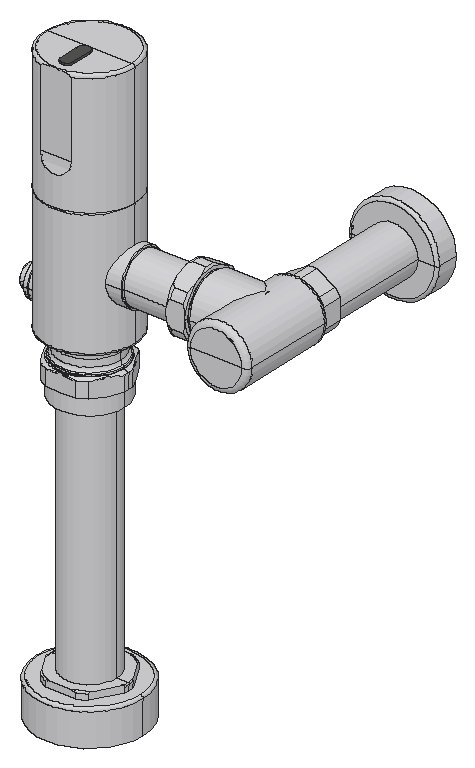
Revit family "Flushometer-Toilet_Touchless-KOHLER-WAVE-K-7521", category Plumbing Fixtures, host Face, Revit 2015
Parameters (values of type "1.28GPF Flushometer,CP-Polished Chrome")
  Width [instance] = 5"
  WaterSense Certified = 1 = 0  # no
  Waste Water Outlet = "Waste Water Outlet"  # constant formula
  Waste Connection = 1 = 0  # no
  Vent Connection = 1 = 0  # no
  URL = "https://www.us.kohler.com/us/"
  Type = 1
  Model = if(Type = 1, "K-7521-CP", if(Type = 2, "K-7521-RF-CP", "NA"))  # "K-7521-CP"
  Description = if(Type = 1, "Touchless hybrid 1.28 gpf toilet flushometer", if(Type = 2, "Touchless 1.28 gpf hybrid retrofit toilet flushometer", "NA"))  # "Touchless hybrid 1.28 gpf toilet flushometer"
  Centre Height [instance] = Height - 5 1/4"  # 11 1/2"
  Product Page URL = "http://www.us.kohler.com/us/catalog/productDetails.jsp?productNumber=7521"
  Product Name = "Wave"  # constant formula
  Product Documentation Link = "https://www.us.kohler.com/webassets/kpna/catalog/pdf/en/K-7521_spec.pdf"
  Pressure = 80.00 psi  # constant formula
  Material = "Brass construction"  # constant formula
  MasterFormat 2004 = "22.11.00"  # constant formula
  MasterFormat 1995 = "154300"  # constant formula
  Manufacturer Address = "444 Highland Dr, Kohler, WI 53044"  # constant formula
  Manufacturer = "KOHLER Co."  # constant formula
  Length [instance] = 5"
  Cold Water Outlet = "Cold Water Outlet"  # constant formula
  Height [instance] = 16 3/4"
  HW Connection = 1 = 0  # no
  Flush Rate = "1.28 GPF"  # constant formula
  Flow Rate = 25 GPM  # constant formula
  Finish = Kohler-Metal-CP-Polished_Chrome
  Environmental Product Declaration = ""
  Default Elevation = 0"
  Declare Label = ""
  Date Modified = "02/12/2019"  # constant formula
  Date Created = "02/12/2019"  # constant formula
  Copyright = "Copyright KOHLER Co."  # constant formula
  Contact Us = "https://www.us.kohler.com/us/static/contact.jsp"
  Cold Water Inlet = "Cold Water Inlet"  # constant formula
  CW Connection = 1 = 1  # yes
  Assembly Code = "D2020"
  ADA Compliant = 1 = 1  # yes
Reference planes (in)
  plane 1 "Center (Front/Back)": y = 0
  plane 2: z = 0
  plane 3 "Center (Left/Right)": x = 0
  plane 4: y = 5
  plane 5: z = 16.75
  plane 6: x = 5
  plane 7: x = 1.5
  plane 8: x = -1.5
  plane 9: z = 11.5
  plane 10: z = 12.75
  plane 11: z = 7.75
  plane 12: z = 1
  plane 13: z = 10.25
  plane 14: y = 4.36592
  plane 15: y = 1.5625
  plane 16: y = -1.5
Dimensions and locks (in)
  "Length": plane 4 to plane 1 "Center (Front/Back)"
  "Height": plane 5 to plane 2
  "Width": plane 6 to plane 3 "Center (Left/Right)"
  "Centre Height": plane 9 to level
  plane 8 to plane 7 = 3"
  plane 4 to plane 14 = 0.63408"
  plane 12 to level = 1"
  plane 15 to plane 1 "Center (Front/Back)" = 1 9/16"
  plane 10 to plane 13 = 2 1/2"
  aligned and locked: plane 2 to host face
  aligned and locked: level to host face
  aligned and locked: host face to nested 1
  aligned and locked: plane 5 to nested 1
  aligned and locked: nested 1 to plane 6
Automatic sketch dimensions
  host sketch curve to host sketch curve = 96"  (x2)
Nested families (in)
  nested 1: "K-7521" at (0, 0, 0), type "K-7521"
Connectors (in)
  piping at (0, 0, 0), diameter 1.5, driven by "Flow Rate", driven by "Pressure", driven by "CW Connection", driven by "Cold Water Outlet"
    settings: on nested 1, index 1, connector inside diameter 24", connector length 0", flow factor 0, pipe flow 25 GPM, pressure drop 80.00 psi, fitting loss kfactor 0, connector angle 0.00°, fixture units 0, engagement length 0", angle of deflection 0.00°, flow configuration 1, flow direction 2, fitting loss method 4, system type 20, joint type 0, gender type 0, connector reference index -1, connector utility 1, adjustable connector no, is connector primary yes, connector description "Cold Water Outlet"
  piping at (5, 5, 11.5), diameter 1, driven by "Flow Rate", driven by "Pressure", driven by "CW Connection", driven by "Cold Water Inlet"
    settings: on nested 1, index 2, connector inside diameter 24", connector length 0", flow factor 0, pipe flow 25 GPM, pressure drop 80.00 psi, fitting loss kfactor 0, connector angle 0.00°, fixture units 0, engagement length 0", angle of deflection 0.00°, flow configuration 1, flow direction 1, fitting loss method 4, system type 20, joint type 0, gender type 0, connector reference index -1, connector utility 1, adjustable connector no, is connector primary no, connector description "Cold Water Inlet"
Definition of nested family "K-7521"
  Parameters (values of type "K-7521")
    Width = 5"
    Material = none
    Length = 5"
    Height = 16 3/4"
    Centre Height = 11 1/2"
  Reference planes (in)
    plane 1 "Center (Front/Back)": y = 0
    plane 2: z = 0
    plane 3 "Center (Left/Right)": x = 0
    plane 4: x = -1.5
    plane 5: x = 1.5
    plane 6 "A": x = 5
    plane 7: y = 1.5
    plane 8: y = -1.5
    plane 9: x = -0.75
    plane 10: x = 0.75
    plane 11: y = 1.5625
    plane 12 "C": z = 11.5
    plane 13: x = 3.5
    plane 14: x = 6.25
    plane 15: y = 0
    plane 16 "B": z = 10.43307
    plane 17: z = 16.75
    plane 18: z = 8.06077
    plane 19: x = 4.25386
    plane 20: x = 5.74614
    plane 21: y = 5
    plane 22: y = 4.36592
    plane 23: z = 12.75
    plane 24 "D": z = 0
  Forms (in)
    Revolve 1, solid, material <- "Material", detail levels medium+fine
      sketch origin (0, 0, 0) x (1, 0, 0) y (0, 0, 1)
        loop
          line (0, 16.75) -> (-1.17957, 16.75)
          arc (-1.17957, 16.75) -> (-1.23605, 16.72661) -> (-1.25944, 16.67014) r 0.07986
          line (-1.25944, 16.67014) -> (-1.25944, 13.2874) -> (-1.22642, 13.2874)
          arc (-1.22642, 13.2874) -> (-1.24977, 13.27773) -> (-1.25944, 13.25438) r 0.03302
          line (-1.25944, 13.25438) -> (-1.25944, 9.75488)
          arc (-1.25944, 9.75488) -> (-1.25051, 9.73333) -> (-1.22897, 9.72441) r 0.03047
          line (-1.22897, 9.72441) -> (-1.18169, 9.72441)
          arc (-1.18169, 9.72441) -> (-0.95856, 9.63199) -> (-0.86614, 9.40886) r 0.31555
          line (-0.86614, 9.40886) -> (-0.86614, 9.20893)
          arc (-0.86614, 9.20893) -> (-0.8786, 9.14631) -> (-0.91407, 9.09322) r 0.16363
          line (-0.91407, 9.09322) -> (-0.94488, 9.06241) -> (-0.94488, 9.0315) -> (-0.98425, 9.0315) -> (-1.104, 8.97184) -> (-1.104, 8.55966) -> (-0.98425, 8.5) -> (-0.98425, 8.06077) -> (-0.75, 8.06077) -> (-0.75, 1.18504) -> (-1.06821, 1.18504)
          arc (-1.06821, 1.18504) -> (-1.09236, 1.17504) -> (-1.10236, 1.15089) r 0.03415
          line (-1.10236, 1.15089) -> (-1.10236, 1) -> (-1.4177, 1)
          arc (-1.4177, 1) -> (-1.47589, 0.97589) -> (-1.5, 0.9177) r 0.0823
          line (-1.5, 0.9177) -> (-1.5, 0) -> (0, 0) -> (0, 8.06077) -> (0, 16.75)
        axis (0, 16.75) -> (0, 0)
      angle from 0 to 360
    Revolve 2, solid, material <- "Material", detail levels medium+fine
      sketch origin (0, 0, 11.5) x (-1, 0, 0) y (0, -1, 0)
        loop
          line (-1.5, 0.69291) -> (-2.85138, 0.69291) -> (-2.85138, 0.84362)
          arc (-2.85138, 0.84362) -> (-2.89142, 0.94028) -> (-2.98808, 0.98031) r 0.1367
          line (-2.98808, 0.98031) -> (-3.36322, 0.98031) -> (-3.40256, 0.91043) -> (-3.40256, 0.83781) -> (-3.42126, 0.81299) -> (-3.42126, 0.78221) -> (-3.5, 0.78221) -> (-3.5, 0.86765) -> (-5, 0.86765) -> (-5, 0) -> (0, 0) -> (0, 0.74409) -> (-1.47968, 0.74409)
          arc (-1.47968, 0.74409) -> (-1.49405, 0.73814) -> (-1.5, 0.72377) r 0.02032
          line (-1.5, 0.72377) -> (-1.5, 0.69291)
        axis (-5, 0) -> (0, 0)
      angle from 0 to 360
    Revolve 3, solid, material <- "Material", detail levels medium+fine
      sketch origin (0, 0, 11.5) x (-1, 0, 0) y (0, -1, 0)
        loop
          line (-5.68917, -4.36592) -> (-6.16406, -4.36592)
          arc (-6.16406, -4.36592) -> (-6.22483, -4.39109) -> (-6.25, -4.45186) r 0.08594
          line (-6.25, -4.45186) -> (-6.25, -5) -> (-5, -5) -> (-5, 1.81601) -> (-5.72192, 1.81601)
          arc (-5.72192, 1.81601) -> (-5.83086, 1.77088) -> (-5.87598, 1.66194) r 0.15407
          line (-5.87598, 1.66194) -> (-5.87598, -0.87655)
          arc (-5.87598, -0.87655) -> (-5.8616, -0.92764) -> (-5.82266, -0.96371) r 0.09789
          arc (-5.82266, -0.96371) -> (-5.80698, -0.97824) -> (-5.80118, -0.99882) r 0.03943
          line (-5.80118, -0.99882) -> (-5.80118, -1.5625) -> (-5.68917, -1.5625) -> (-5.68917, -4.36592)
        axis (-5, 1.81601) -> (-5, -5)
      angle from 0 to 360
    Revolve 4, solid, material <- "Material", detail levels medium+fine
      sketch origin (0, 0, 10.43307) x (0, -1, 0) y (1, 0, 0)
        loop
          line (0, -1.71775) -> (0.29105, -1.71775)
          arc (0.29105, -1.71775) -> (0.30517, -1.7119) -> (0.31102, -1.69777) r 0.01997
          line (0.31102, -1.69777) -> (0.31102, -1.49615) -> (0.45254, -1.49615)
          arc (0.45254, -1.49615) -> (0.46661, -1.49032) -> (0.47244, -1.47625) r 0.0199
          line (0.47244, -1.47625) -> (0.47244, -1.37236)
          arc (0.47244, -1.37236) -> (0.47641, -1.35659) -> (0.48737, -1.34458) r 0.03332
          arc (0.48737, -1.34458) -> (0.49808, -1.33284) -> (0.50195, -1.31743) r 0.03256
          line (0.50195, -1.31743) -> (0.50195, -1.03405) -> (0, -1.03405) -> (0, -1.71775)
        axis (0, -1.71775) -> (0, -1.03405)
      angle from 0 to 360
    Extrusion 5, void
      sketch origin (0, 0, 11.5) x (0, 1, 0) y (-1, 0, 0)
        loop
          circle (0, 0) r 1.75
        loop
          line (0, -1.17584) -> (1.01831, -0.58792) -> (1.01831, 0.58792) -> (0, 1.17584) -> (-1.01831, 0.58792) -> (-1.01831, -0.58792) -> (0, -1.17584)
      from -3.03937 to -2.39948
    Extrusion 6, void
      sketch origin (5, 0, 23) x (0, 0, -1) y (0, -1, 0)
        loop
          circle (11.5, 0) r 1.21729
        loop
          line (10.97436, 0.91043) -> (10.44872, 0) -> (10.97436, -0.91043) -> (12.02564, -0.91043) -> (12.55128, 0) -> (12.02564, 0.91043) -> (10.97436, 0.91043)
      from 1.59744 to 2.24251
    Extrusion 7, void
      sketch origin (0, 0, 0) x (1, 0, 0) y (0, 0, 1)
        loop
          circle (5, 11.5) r 2.25
        loop
          line (5, 12.36156) -> (4.25386, 11.93078) -> (4.25386, 11.06922) -> (5, 10.63844) -> (5.74614, 11.06922) -> (5.74614, 11.93078) -> (5, 12.36156)
      from -1.5625 to -0.97021
    Extrusion 8, void
      sketch origin (5, 0, 0) x (0, 0, 1) y (0, 1, 0)
        loop
          line (17.0347, -1.18081) -> (14.5347, -1.18081)
          arc (14.5347, -1.18081) -> (14.09708, -1.26345) -> (13.71973, -1.5) r 1.2
          line (13.71973, -1.5) -> (17.0347, -1.5) -> (17.0347, -1.18081)
      from 4.41208 to 5.75
    Extrusion 9, void
      sketch origin (0, 0, 11.5) x (-1, 0, 0) y (0, -1, 0)
        loop
          arc (0.18307, 0.79501) -> (0, 0.97809) -> (-0.18307, 0.79501) r 0.18307
          line (-0.18307, 0.79501) -> (-0.18307, 0.20818)
          arc (-0.18307, 0.20818) -> (0, 0.02511) -> (0.18307, 0.20818) r 0.18307
          line (0.18307, 0.20818) -> (0.18307, 0.79501)
      from 5.02631 to 5.36547
    Extrusion 10, solid, detail levels medium+fine
      sketch origin (0, 0, 11.5) x (-1, 0, 0) y (0, -1, 0)
        loop
          line (0.16927, 0.20752) -> (0.16929, 0.79866)
          arc (0.16929, 0.79866) -> (0, 0.96796) -> (-0.16929, 0.79867) r 0.16929
          line (-0.16929, 0.79867) -> (-0.16929, 0.20752)
          arc (-0.16929, 0.20752) -> (-0.00001, 0.03824) -> (0.16927, 0.20752) r 0.16928
      from 5.02631 to 5.28584
    Revolve 11, solid, material <- "Material", detail levels coarse
      sketch origin (0, 0, 11.5) x (-1, 0, 0) y (0, -1, 0)
        loop
          line (0, 0) -> (-5, 0) -> (-5, -0.85642) -> (-3.40256, -0.85642) -> (-3.40256, -0.98169) -> (-2.85138, -0.98169) -> (-2.85138, -0.69291) -> (0, -0.69291) -> (0, 0)
        axis (-5, 0) -> (0, 0)
      angle from 0 to 360
    Revolve 12, solid, material <- "Material", detail levels coarse
      sketch origin (0, 0, 11.5) x (-1, 0, 0) y (0, -1, 0)
        loop
          line (-5, -5) -> (-5, 1.80845) -> (-5.87599, 1.80845) -> (-5.87599, -0.97021) -> (-5.68917, -0.97021) -> (-5.68917, -4.36592) -> (-6.25, -4.36592) -> (-6.25, -5) -> (-5, -5)
        axis (-5, 1.80845) -> (-5, -5)
      angle from 0 to 360
    Revolve 13, solid, material <- "Material", detail levels coarse
      sketch origin (0, 0, 0) x (1, 0, 0) y (0, 0, 1)
        loop
          line (0, 16.75) -> (-1.25944, 16.75) -> (-1.25944, 8.06077) -> (-0.75, 8.06077) -> (-0.75, 1) -> (-1.5, 1) -> (-1.5, 0) -> (0, 0) -> (0, 16.75)
        axis (0, 16.75) -> (0, 0)
      angle from 0 to 360
    Revolve 14, solid, material <- "Material", detail levels coarse
      sketch origin (0, 0, 10.43307) x (0, -1, 0) y (1, 0, 0)
        loop
          line (0, -1.71775) -> (0, -0.92963) -> (-0.5, -0.92963) -> (-0.5, -1.71775) -> (0, -1.71775)
        axis (0, -1.71775) -> (0, -0.92963)
      angle from 0 to 360
    Extrusion 15, void
      sketch origin (0, 0, 0) x (0, 1, 0) y (-1, 0, 0)
        loop
          circle (0, 0) r 1.75
        loop
          line (0, -1.17584) -> (1.01831, -0.58792) -> (1.01831, 0.58792) -> (0, 1.17584) -> (-1.01831, 0.58792) -> (-1.01831, -0.58792) -> (0, -1.17584)
      from 1 to 1.18504
  Cuts and joins
    Extrusion 5, Extrusion 8, Extrusion 9, Extrusion 15 cuts Revolve 1
    Extrusion 6 cuts Revolve 2
    joined: Revolve 1, Revolve 2, Revolve 4
    joined: Revolve 11, Revolve 13, Revolve 14
    Extrusion 7 cuts Revolve 3
  Lines and regions (in)
    Masking region 1
      outline origin (0, 0, 0) x (1, 0, 0) y (0, 0, 1)
        loop
          line (-1.25944, 16.67014) -> (-1.25944, 13.2874) -> (-1.22642, 13.2874)
          arc (-1.22642, 13.2874) -> (-1.24977, 13.27773) -> (-1.25944, 13.25438) r 0.03302
          line (-1.25944, 13.25438) -> (-1.25944, 10.93502) -> (-1.31743, 10.93502)
          arc (-1.31743, 10.93502) -> (-1.33284, 10.93115) -> (-1.34458, 10.92044) r 0.03256
          arc (-1.34458, 10.92044) -> (-1.35659, 10.90948) -> (-1.37236, 10.90551) r 0.03332
          line (-1.37236, 10.90551) -> (-1.4801, 10.90551)
          arc (-1.4801, 10.90551) -> (-1.49417, 10.89968) -> (-1.5, 10.88561) r 0.0199
          line (-1.5, 10.88561) -> (-1.5, 10.74409) -> (-1.69777, 10.74409)
          arc (-1.69777, 10.74409) -> (-1.7119, 10.73824) -> (-1.71775, 10.72412) r 0.01997
          line (-1.71775, 10.72412) -> (-1.71775, 10.14202)
          arc (-1.71775, 10.14202) -> (-1.7119, 10.1279) -> (-1.69777, 10.12205) r 0.01997
          line (-1.69777, 10.12205) -> (-1.5, 10.12205) -> (-1.5, 9.98053)
          arc (-1.5, 9.98053) -> (-1.49417, 9.96646) -> (-1.4801, 9.96063) r 0.0199
          line (-1.4801, 9.96063) -> (-1.37236, 9.96063)
          arc (-1.37236, 9.96063) -> (-1.35659, 9.95666) -> (-1.34458, 9.9457) r 0.03332
          arc (-1.34458, 9.9457) -> (-1.33284, 9.935) -> (-1.31743, 9.93112) r 0.03256
          line (-1.31743, 9.93112) -> (-1.25944, 9.93112) -> (-1.25944, 9.75488)
          arc (-1.25944, 9.75488) -> (-1.25051, 9.73333) -> (-1.22897, 9.72441) r 0.03047
          line (-1.22897, 9.72441) -> (-1.18169, 9.72441)
          arc (-1.18169, 9.72441) -> (-0.95856, 9.63199) -> (-0.86614, 9.40886) r 0.31555
          line (-0.86614, 9.40886) -> (-0.86614, 9.20893)
          arc (-0.86614, 9.20893) -> (-0.8786, 9.14631) -> (-0.91407, 9.09322) r 0.16363
          line (-0.91407, 9.09322) -> (-0.94488, 9.06241) -> (-0.94488, 9.0315) -> (-0.98425, 9.0315) -> (-1.104, 8.97184) -> (-1.104, 8.55966) -> (-0.98425, 8.5) -> (-0.98425, 8.06077) -> (-0.75, 8.06077) -> (-0.75, 1.18504) -> (-1.06914, 1.18504)
          arc (-1.06914, 1.18504) -> (-1.09263, 1.17531) -> (-1.10236, 1.15182) r 0.03322
          line (-1.10236, 1.15182) -> (-1.10236, 1) -> (-1.42187, 1)
          arc (-1.42187, 1) -> (-1.47712, 0.97712) -> (-1.5, 0.92187) r 0.07813
          line (-1.5, 0.92187) -> (-1.5, 0) -> (1.5, 0) -> (1.5, 0.92188)
          arc (1.5, 0.92188) -> (1.47712, 0.97712) -> (1.42188, 1) r 0.07813
          line (1.42188, 1) -> (1.10236, 1) -> (1.10236, 1.15182)
          arc (1.10236, 1.15182) -> (1.09263, 1.17531) -> (1.06914, 1.18504) r 0.03322
          line (1.06914, 1.18504) -> (0.75, 1.18504) -> (0.75, 8.06077) -> (0.98425, 8.06077) -> (0.98425, 8.5) -> (1.104, 8.55966) -> (1.104, 8.97184) -> (0.98425, 9.0315) -> (0.94488, 9.0315) -> (0.94488, 9.06241) -> (0.91407, 9.09322)
          arc (0.91407, 9.09322) -> (0.8786, 9.14631) -> (0.86614, 9.20893) r 0.16363
          line (0.86614, 9.20893) -> (0.86614, 9.40886)
          arc (0.86614, 9.40886) -> (0.95856, 9.63199) -> (1.18169, 9.72441) r 0.31555
          line (1.18169, 9.72441) -> (1.22897, 9.72441)
          arc (1.22897, 9.72441) -> (1.25051, 9.73333) -> (1.25944, 9.75488) r 0.03047
          line (1.25944, 9.75488) -> (1.25944, 10.62827)
          arc (1.25944, 10.62827) -> (1.29682, 10.71852) -> (1.38708, 10.75591) r 0.12764
          line (1.38708, 10.75591) -> (1.47968, 10.75591)
          arc (1.47968, 10.75591) -> (1.49405, 10.76186) -> (1.5, 10.77623) r 0.02032
          line (1.5, 10.77623) -> (1.5, 10.80709) -> (2.85146, 10.80709) -> (2.85146, 10.51831) -> (3.36306, 10.51831) -> (3.40256, 10.58957) -> (3.40256, 10.63235) -> (4.10018, 10.63235)
          arc (4.10018, 10.63235) -> (4.51116, 10.34955) -> (5, 10.25) r 1.25
          arc (5, 10.25) -> (5.88388, 10.61612) -> (6.25, 11.5) r 1.25
          arc (6.25, 11.5) -> (5.88388, 12.38388) -> (5, 12.75) r 1.25
          arc (5, 12.75) -> (4.51116, 12.65045) -> (4.10018, 12.36765) r 1.25
          line (4.10018, 12.36765) -> (3.40256, 12.36765) -> (3.40256, 12.41043) -> (3.36306, 12.48169) -> (2.85146, 12.48169) -> (2.85146, 12.19291) -> (1.5, 12.19291) -> (1.5, 12.22377)
          arc (1.5, 12.22377) -> (1.49405, 12.23814) -> (1.47968, 12.24409) r 0.02032
          line (1.47968, 12.24409) -> (1.38708, 12.24409)
          arc (1.38708, 12.24409) -> (1.29682, 12.28148) -> (1.25944, 12.37173) r 0.12764
          line (1.25944, 12.37173) -> (1.25944, 13.25438)
          arc (1.25944, 13.25438) -> (1.24977, 13.27773) -> (1.22642, 13.2874) r 0.03302
          line (1.22642, 13.2874) -> (1.25944, 13.2874) -> (1.25944, 16.67014)
          arc (1.25944, 16.67014) -> (1.23605, 16.72661) -> (1.17957, 16.75) r 0.07986
          line (1.17957, 16.75) -> (0.16929, 16.75) -> (0.16929, 16.78584) -> (-0.16929, 16.78584) -> (-0.16929, 16.75) -> (-1.17957, 16.75)
          arc (-1.17957, 16.75) -> (-1.23605, 16.72661) -> (-1.25944, 16.67014) r 0.07986
    Masking region 2
      outline origin (0, 0, 10.43307) x (0, -1, 0) y (1, 0, 0)
        loop
          line (-0.29105, -1.71775) -> (0.29105, -1.71775)
          arc (0.29105, -1.71775) -> (0.30517, -1.7119) -> (0.31102, -1.69777) r 0.01997
          line (0.31102, -1.69777) -> (0.31102, -1.5) -> (0.45254, -1.5)
          arc (0.45254, -1.5) -> (0.46661, -1.49417) -> (0.47244, -1.4801) r 0.0199
          line (0.47244, -1.4801) -> (0.47244, -1.42366)
          arc (0.47244, -1.42366) -> (1.21628, -0.87788) -> (1.5, 0) r 1.5
          arc (1.5, 0) -> (1.29733, 0.75295) -> (0.74409, 1.30243) r 1.5
          line (0.74409, 1.30243) -> (0.74409, 1.47968)
          arc (0.74409, 1.47968) -> (0.73814, 1.49405) -> (0.72377, 1.5) r 0.02032
          line (0.72377, 1.5) -> (0.69291, 1.5) -> (0.69291, 2.85138) -> (0.84362, 2.85138)
          arc (0.84362, 2.85138) -> (0.87814, 2.85581) -> (0.91043, 2.86882) r 0.1367
          line (0.91043, 2.86882) -> (0.91043, 3.40256) -> (0.83781, 3.40256) -> (0.81299, 3.42126) -> (0.78221, 3.42126) -> (0.78221, 3.5) -> (0.87205, 3.5) -> (0.87205, 4.18652) -> (1.66194, 4.18652)
          arc (1.66194, 4.18652) -> (1.77088, 4.23164) -> (1.81601, 4.34058) r 0.15407
          line (1.81601, 4.34058) -> (1.81601, 5.65942)
          arc (1.81601, 5.65942) -> (1.77088, 5.76836) -> (1.66194, 5.81348) r 0.15407
          line (1.66194, 5.81348) -> (-0.93106, 5.81348)
          arc (-0.93106, 5.81348) -> (-0.95874, 5.80192) -> (-0.97021, 5.77424) r 0.03914
          line (-0.97021, 5.77424) -> (-0.97021, 5.7372)
          arc (-0.97021, 5.7372) -> (-0.97674, 5.72142) -> (-0.99252, 5.71489) r 0.02232
          line (-0.99252, 5.71489) -> (-1.5625, 5.71489) -> (-1.5625, 5.65792) -> (-4.36592, 5.65792) -> (-4.36592, 6.16406)
          arc (-4.36592, 6.16406) -> (-4.39109, 6.22483) -> (-4.45186, 6.25) r 0.08594
          line (-4.45186, 6.25) -> (-5, 6.25) -> (-5, 3.75) -> (-4.45186, 3.75)
          arc (-4.45186, 3.75) -> (-4.39109, 3.77517) -> (-4.36592, 3.83594) r 0.08594
          line (-4.36592, 3.83594) -> (-4.36592, 4.34208) -> (-1.5625, 4.34208) -> (-1.5625, 4.28511) -> (-0.99286, 4.28511)
          arc (-0.99286, 4.28511) -> (-0.97684, 4.27848) -> (-0.97021, 4.26246) r 0.02265
          line (-0.97021, 4.26246) -> (-0.97021, 4.22576)
          arc (-0.97021, 4.22576) -> (-0.95874, 4.19808) -> (-0.93106, 4.18662) r 0.03914
          line (-0.93106, 4.18662) -> (-0.87205, 4.18662) -> (-0.87205, 3.5) -> (-0.78221, 3.5) -> (-0.78221, 3.42126) -> (-0.81299, 3.42126) -> (-0.83781, 3.40256) -> (-0.91043, 3.40256) -> (-0.91043, 2.86882)
          arc (-0.91043, 2.86882) -> (-0.87814, 2.85581) -> (-0.84362, 2.85138) r 0.1367
          line (-0.84362, 2.85138) -> (-0.69291, 2.85138) -> (-0.69291, 1.5) -> (-0.72377, 1.5)
          arc (-0.72377, 1.5) -> (-0.73814, 1.49405) -> (-0.74409, 1.47968) r 0.02032
          line (-0.74409, 1.47968) -> (-0.74409, 1.30243)
          arc (-0.74409, 1.30243) -> (-1.29733, 0.75295) -> (-1.5, 0) r 1.5
          arc (-1.5, 0) -> (-1.21628, -0.87788) -> (-0.47244, -1.42366) r 1.5
          line (-0.47244, -1.42366) -> (-0.47244, -1.4801)
          arc (-0.47244, -1.4801) -> (-0.46661, -1.49417) -> (-0.45254, -1.5) r 0.0199
          line (-0.45254, -1.5) -> (-0.31102, -1.5) -> (-0.31102, -1.69777)
          arc (-0.31102, -1.69777) -> (-0.30517, -1.7119) -> (-0.29105, -1.71775) r 0.01997
    Masking region 3
      outline origin (5, 0, 0) x (0, 0, 1) y (0, -1, 0)
        loop
          arc (16.67014, -1.25944) -> (16.72661, -1.23605) -> (16.75, -1.17957) r 0.07986
          line (16.75, -1.17957) -> (16.75, 0.03824) -> (16.78584, 0.03824) -> (16.78584, 0.96796) -> (16.75, 0.96796) -> (16.75, 1.18081) -> (14.5347, 1.18081)
          arc (14.5347, 1.18081) -> (14.3175, 1.20063) -> (14.10747, 1.25944) r 1.2
          line (14.10747, 1.25944) -> (13.2874, 1.25944) -> (13.2874, 1.22642)
          arc (13.2874, 1.22642) -> (13.27773, 1.24977) -> (13.25438, 1.25944) r 0.03302
          line (13.25438, 1.25944) -> (12.37598, 1.25944) -> (12.37598, 1.66194)
          arc (12.37598, 1.66194) -> (12.33086, 1.77088) -> (12.22192, 1.81601) r 0.15407
          line (12.22192, 1.81601) -> (10.77808, 1.81601)
          arc (10.77808, 1.81601) -> (10.66914, 1.77088) -> (10.62402, 1.66194) r 0.15407
          line (10.62402, 1.66194) -> (10.62402, 1.25944) -> (9.75488, 1.25944)
          arc (9.75488, 1.25944) -> (9.73333, 1.25051) -> (9.72441, 1.22897) r 0.03047
          line (9.72441, 1.22897) -> (9.72441, 1.18169)
          arc (9.72441, 1.18169) -> (9.63199, 0.95856) -> (9.40886, 0.86614) r 0.31555
          line (9.40886, 0.86614) -> (9.20893, 0.86614)
          arc (9.20893, 0.86614) -> (9.14631, 0.8786) -> (9.09322, 0.91407) r 0.16363
          line (9.09322, 0.91407) -> (9.06241, 0.94488) -> (9.0315, 0.94488) -> (9.0315, 0.98425) -> (9.01453, 1.01831) -> (8.51697, 1.01831) -> (8.5, 0.98425) -> (8.06077, 0.98425) -> (8.06077, 0.75) -> (1.18504, 0.75) -> (1.18504, 1.01831) -> (1, 1.01831) -> (1, 1.42187)
          arc (1, 1.42187) -> (0.97712, 1.47712) -> (0.92187, 1.5) r 0.07813
          line (0.92187, 1.5) -> (0, 1.5) -> (0, -1.5) -> (0.92187, -1.5)
          arc (0.92187, -1.5) -> (0.97712, -1.47712) -> (1, -1.42188) r 0.07813
          line (1, -1.42188) -> (1, -1.01831) -> (1.18504, -1.01831) -> (1.18504, -0.75) -> (8.06077, -0.75) -> (8.06077, -0.98425) -> (8.5, -0.98425) -> (8.51697, -1.01831) -> (9.01453, -1.01831) -> (9.0315, -0.98425) -> (9.0315, -0.94488) -> (9.06241, -0.94488) -> (9.09322, -0.91407)
          arc (9.09322, -0.91407) -> (9.14631, -0.8786) -> (9.20893, -0.86614) r 0.16363
          line (9.20893, -0.86614) -> (9.40886, -0.86614)
          arc (9.40886, -0.86614) -> (9.63199, -0.95856) -> (9.72441, -1.18169) r 0.31555
          line (9.72441, -1.18169) -> (9.72441, -1.22897)
          arc (9.72441, -1.22897) -> (9.73333, -1.25051) -> (9.75488, -1.25944) r 0.03047
          line (9.75488, -1.25944) -> (10.69882, -1.25944) -> (10.69882, -1.5625) -> (10.81083, -1.5625) -> (10.81083, -4.36592) -> (10.33594, -4.36592)
          arc (10.33594, -4.36592) -> (10.27517, -4.39109) -> (10.25, -4.45186) r 0.08594
          line (10.25, -4.45186) -> (10.25, -5) -> (12.75, -5) -> (12.75, -4.45186)
          arc (12.75, -4.45186) -> (12.72483, -4.39109) -> (12.66406, -4.36592) r 0.08594
          line (12.66406, -4.36592) -> (12.18917, -4.36592) -> (12.18917, -1.5625) -> (12.30118, -1.5625) -> (12.30118, -1.25944) -> (13.25438, -1.25944)
          arc (13.25438, -1.25944) -> (13.27773, -1.24977) -> (13.2874, -1.22642) r 0.03302
          line (13.2874, -1.22642) -> (13.2874, -1.25944) -> (16.67014, -1.25944)
    symbolic lines, detail levels medium+fine
      curve 1: line (5, 4.36592, 12.18917) -> (5, 4.36592, 10.81083)
      curve 2: line (5, 1.5625, 12.18917) -> (5, 1.5625, 10.81083)
      curve 3: line (5, 1.18169, 9.72441) -> (5, -1.18169, 9.72441)
      curve 4: line (5, 0.94488, 9.06241) -> (5, -0.94488, 9.06241)
      curve 5: line (5, -0.75, 8.06077) -> (5, 0.75, 8.06077)
      curve 6: line (5, 1.01831, 1) -> (5, -1.01831, 1)
      curve 7: line (5, 0.75, 1.18504) -> (5, -0.75, 1.18504)
      curve 8: line (5, 0.98425, 8.5) -> (5, -0.98425, 8.5)
      curve 9: line (5, 0.94488, 9.0315) -> (5, -0.94488, 9.0315)
      curve 10: line (5, 1.22642, 13.2874) -> (5, -1.22642, 13.2874)
      curve 11: line (0, 1.5625, 12.00025) -> (0, 0.99794, 12.00025)
      curve 12: line (0, 1.5625, 11.79184) -> (0, 0.99794, 11.79184)
      curve 13: arc (0, 0.9707, 11.75951) -> (0, 0.97989, 11.77941) -> (0, 0.99794, 11.79184) r 0.04146
      curve 14: spline (0, 0.99794, 12.00025) -> (0, 0.99451, 12.00094) -> (0, 0.99121, 12.00177) -> (0, 0.98808, 12.00275) -> (0, 0.98513, 12.00387) -> (0, 0.98239, 12.00511) -> (0, 0.97989, 12.00647) -> (0, 0.97764, 12.00793) -> (0, 0.97565, 12.00949) -> (0, 0.97396, 12.01113) -> (0, 0.97256, 12.01284) -> (0, 0.97147, 12.01461) -> (0, 0.9707, 12.01642)
      curve 15: line (0, 0.99873, 12.29196) -> (0, 1.5625, 12.29196)
      curve 16: spline (0, 0.9707, 12.27566) -> (0, 0.97149, 12.2775) -> (0, 0.97261, 12.2793) -> (0, 0.97405, 12.28104) -> (0, 0.97579, 12.28271) -> (0, 0.97784, 12.28429) -> (0, 0.98016, 12.28577) -> (0, 0.98274, 12.28714) -> (0, 0.98556, 12.28839) -> (0, 0.9886, 12.2895) -> (0, 0.99182, 12.29047) -> (0, 0.99521, 12.29129) -> (0, 0.99873, 12.29196)
      curve 17: arc (0, 0.9707, 12.27566) -> (0, 0.94357, 12.14604) -> (0, 0.9707, 12.01642) r 0.32314
      curve 18: arc (0, 0.9707, 11.75951) -> (0, 0.94357, 11.5) -> (0, 0.9707, 11.24049) r 1.25444
      curve 19: line (0, 1.5625, 10.99975) -> (0, 0.99794, 10.99975)
      curve 20: line (0, 1.5625, 11.20816) -> (0, 0.99794, 11.20816)
      curve 21: arc (0, 0.9707, 11.24049) -> (0, 0.97989, 11.22059) -> (0, 0.99794, 11.20816) r 0.04146
      curve 22: spline (0, 0.99794, 10.99975) -> (0, 0.99451, 10.99906) -> (0, 0.99121, 10.99823) -> (0, 0.98808, 10.99725) -> (0, 0.98513, 10.99613) -> (0, 0.98239, 10.99489) -> (0, 0.97989, 10.99353) -> (0, 0.97764, 10.99207) -> (0, 0.97565, 10.99051) -> (0, 0.97396, 10.98887) -> (0, 0.97256, 10.98716) -> (0, 0.97147, 10.98539) -> (0, 0.9707, 10.98358)
      curve 23: line (0, 0.99873, 10.70804) -> (0, 1.5625, 10.70804)
      curve 24: spline (0, 0.9707, 10.72434) -> (0, 0.97149, 10.7225) -> (0, 0.97261, 10.7207) -> (0, 0.97405, 10.71896) -> (0, 0.97579, 10.71729) -> (0, 0.97784, 10.71571) -> (0, 0.98016, 10.71423) -> (0, 0.98274, 10.71286) -> (0, 0.98556, 10.71161) -> (0, 0.9886, 10.7105) -> (0, 0.99182, 10.70953) -> (0, 0.99521, 10.70871) -> (0, 0.99873, 10.70804)
      curve 25: arc (0, 0.9707, 10.72434) -> (0, 0.94357, 10.85396) -> (0, 0.9707, 10.98358) r 0.32314
      curve 26: line (0, -0.87847, 8.55966) -> (0, -0.87847, 8.97184)
      curve 27: line (0, -1.01831, 8.97184) -> (0, -0.87847, 8.97184)
      curve 28: line (0, -0.87847, 8.55966) -> (0, -1.01831, 8.55966)
      curve 29: spline (0, -0.13984, 8.55966) -> (0, -0.20076, 8.54664) -> (0, -0.26203, 8.53598) -> (0, -0.32357, 8.52767) -> (0, -0.38532, 8.52172) -> (0, -0.4472, 8.51816) -> (0, -0.50915, 8.51697) -> (0, -0.57111, 8.51816) -> (0, -0.63299, 8.52172) -> (0, -0.69474, 8.52767) -> (0, -0.75628, 8.53598) -> (0, -0.81755, 8.54664) -> (0, -0.87847, 8.55966)
      curve 30: spline (0, -0.13984, 8.97184) -> (0, -0.20076, 8.98485) -> (0, -0.26203, 8.99552) -> (0, -0.32357, 9.00383) -> (0, -0.38532, 9.00977) -> (0, -0.4472, 9.01334) -> (0, -0.50915, 9.01453) -> (0, -0.57111, 9.01334) -> (0, -0.63299, 9.00977) -> (0, -0.69474, 9.00383) -> (0, -0.75628, 8.99552) -> (0, -0.81755, 8.98485) -> (0, -0.87847, 8.97184)
      curve 31: line (0, -0.13984, 8.97184) -> (0, -0.13984, 8.55966)
      curve 32: line (0, 0.13984, 8.55966) -> (0, 0.13984, 8.97184)
      curve 33: spline (0, 0.87847, 8.97184) -> (0, 0.81755, 8.98485) -> (0, 0.75628, 8.99552) -> (0, 0.69474, 9.00383) -> (0, 0.63299, 9.00977) -> (0, 0.57111, 9.01334) -> (0, 0.50915, 9.01453) -> (0, 0.4472, 9.01334) -> (0, 0.38532, 9.00977) -> (0, 0.32357, 9.00383) -> (0, 0.26203, 8.99552) -> (0, 0.20076, 8.98485) -> (0, 0.13984, 8.97184)
      curve 34: spline (0, 0.87847, 8.55966) -> (0, 0.81755, 8.54664) -> (0, 0.75628, 8.53598) -> (0, 0.69474, 8.52767) -> (0, 0.63299, 8.52172) -> (0, 0.57111, 8.51816) -> (0, 0.50915, 8.51697) -> (0, 0.4472, 8.51816) -> (0, 0.38532, 8.52172) -> (0, 0.32357, 8.52767) -> (0, 0.26203, 8.53598) -> (0, 0.20076, 8.54664) -> (0, 0.13984, 8.55966)
      curve 35: line (0, 0.87847, 8.97184) -> (0, 0.87847, 8.55966)
      curve 36: line (0, 0.87847, 8.97184) -> (0, 1.01831, 8.97184)
      curve 37: line (0, 1.01831, 8.55966) -> (0, 0.87847, 8.55966)
      curve 38: line (0, -0.13984, 8.97184) -> (0, 0.13984, 8.97184)
      curve 39: line (0, -0.13984, 8.55966) -> (0, 0.13984, 8.55966)
      curve 40: spline (5, 0.82279, 1.18504) -> (5, 0.8277, 1.18418) -> (5, 0.83256, 1.183) -> (5, 0.83735, 1.18149) -> (5, 0.84205, 1.17965) -> (5, 0.84665, 1.17751) -> (5, 0.85114, 1.17505) -> (5, 0.8555, 1.1723) -> (5, 0.8597, 1.16925) -> (5, 0.86375, 1.16593) -> (5, 0.86762, 1.16234) -> (5, 0.8713, 1.1585) -> (5, 0.87479, 1.15441)
      curve 41: line (5, 0.87479, 1) -> (5, 0.87479, 1.15441)
      curve 42: spline (5, 0.19552, 1.18504) -> (5, 0.19061, 1.18418) -> (5, 0.18575, 1.183) -> (5, 0.18096, 1.18149) -> (5, 0.17626, 1.17965) -> (5, 0.17166, 1.17751) -> (5, 0.16717, 1.17505) -> (5, 0.16281, 1.1723) -> (5, 0.15861, 1.16925) -> (5, 0.15456, 1.16593) -> (5, 0.15069, 1.16234) -> (5, 0.14701, 1.1585) -> (5, 0.14352, 1.15441)
      curve 43: line (5, 0.14352, 1.15441) -> (5, 0.14352, 1)
      curve 44: spline (5, -0.19552, 1.18504) -> (5, -0.19061, 1.18418) -> (5, -0.18575, 1.183) -> (5, -0.18096, 1.18149) -> (5, -0.17626, 1.17965) -> (5, -0.17166, 1.17751) -> (5, -0.16717, 1.17505) -> (5, -0.16281, 1.1723) -> (5, -0.15861, 1.16925) -> (5, -0.15456, 1.16593) -> (5, -0.15069, 1.16234) -> (5, -0.14701, 1.1585) -> (5, -0.14352, 1.15441)
      curve 45: line (5, -0.14352, 1) -> (5, -0.14352, 1.15441)
      curve 46: spline (5, -0.87479, 1.15441) -> (5, -0.8713, 1.1585) -> (5, -0.86762, 1.16234) -> (5, -0.86375, 1.16593) -> (5, -0.8597, 1.16925) -> (5, -0.8555, 1.1723) -> (5, -0.85114, 1.17505) -> (5, -0.84665, 1.17751) -> (5, -0.84205, 1.17965) -> (5, -0.83735, 1.18149) -> (5, -0.83256, 1.183) -> (5, -0.8277, 1.18418) -> (5, -0.82279, 1.18504)
      curve 47: line (5, -0.87479, 1.15441) -> (5, -0.87479, 1)
      curve 48: line (0, -0.30362, 12.37598) -> (0, -0.13722, 12.47205)
      curve 49: line (0, 0.13722, 12.47205) -> (0, 0.30362, 12.37598)
      curve 50: line (0, -1.25944, 12.37598) -> (0, 0.87876, 12.37598)
      curve 51: arc (0, 0.24807, 12.37598) -> (0, 0, 12.41043) -> (0, -0.24807, 12.37598) r 0.91043
      curve 52: arc (0, -0.13722, 12.47205) -> (0, 0, 12.48169) -> (0, 0.13722, 12.47205) r 0.98169
      curve 53: line (0, -0.30362, 10.62402) -> (0, -0.13722, 10.52795)
      curve 54: line (0, 0.13722, 10.52795) -> (0, 0.30362, 10.62402)
      curve 55: arc (0, 0.24807, 10.62402) -> (0, 0, 10.58957) -> (0, -0.24807, 10.62402) r 0.91043
      curve 56: arc (0, -0.13722, 10.52795) -> (0, 0, 10.51831) -> (0, 0.13722, 10.52795) r 0.98169
      curve 57: arc (0, 0.87876, 12.37598) -> (0, 0.92828, 12.36188) -> (0, 0.96294, 12.3238) r 0.09399
      curve 58: line (0, 1.25944, 12.30118) -> (0, 0.99942, 12.30118)
      curve 59: arc (0, 0.96294, 12.3238) -> (0, 0.97796, 12.30729) -> (0, 0.99942, 12.30118) r 0.04073
      curve 60: arc (0, 0.87876, 10.62402) -> (0, 0.92828, 10.63812) -> (0, 0.96294, 10.6762) r 0.09399
      curve 61: line (0, 1.25944, 10.69882) -> (0, 0.99942, 10.69882)
      curve 62: arc (0, 0.96294, 10.6762) -> (0, 0.97796, 10.69271) -> (0, 0.99942, 10.69882) r 0.04073
      curve 63: line (0, -1.25944, 10.62402) -> (0, 0.87876, 10.62402)
      curve 64: line (0, 0.99794, 12.00025) -> (0, 0.99794, 12.29174)
      curve 65: line (0, 0.99794, 11.79184) -> (0, 0.99794, 11.20816)
      curve 66: line (0, 0.99794, 10.99975) -> (0, 0.99794, 10.70826)
      curve 67: line (0, -0.96796, 16.75) -> (0, -0.03824, 16.75)
      curve 68: spline (0, 0.89516, 13.61838) -> (0, 0.87724, 13.61513) -> (0, 0.86055, 13.60562) -> (0, 0.84621, 13.59048) -> (0, 0.83521, 13.57075) -> (0, 0.82829, 13.54777) -> (0, 0.82593, 13.52312) -> (0, 0.82829, 13.49846) -> (0, 0.83521, 13.47549) -> (0, 0.84621, 13.45576) -> (0, 0.86055, 13.44062) -> (0, 0.87724, 13.43111) -> (0, 0.89516, 13.42786) -> (0, 0.91308, 13.43111) -> (0, 0.92977, 13.44062) -> (0, 0.94411, 13.45576) -> (0, 0.95511, 13.47549) -> (0, 0.96203, 13.49846) -> (0, 0.96439, 13.52312) -> (0, 0.96203, 13.54777) -> (0, 0.95511, 13.57075) -> (0, 0.94411, 13.59048) -> (0, 0.92977, 13.60562) -> (0, 0.91308, 13.61513) -> (0, 0.89516, 13.61838)
      curve 69: line (-0.16929, 0, 16.75) -> (0.16929, 0, 16.75)
      curve 70: line (-1.22642, 0, 13.2874) -> (1.22642, 0, 13.2874)
      curve 71: line (-0.94488, 0, 9.06241) -> (0.94488, 0, 9.06241)
      curve 72: line (-0.94488, 0, 9.0315) -> (0.94488, 0, 9.0315)
      curve 73: line (-0.98425, 0, 8.5) -> (0.98425, 0, 8.5)
      curve 74: line (-0.75, 0, 8.06077) -> (0.75, 0, 8.06077)
      curve 75: line (-1.18169, 0, 9.72441) -> (1.18169, 0, 9.72441)
      curve 76: line (1.5, 0, 12.19291) -> (1.5, 0, 10.80709)
      curve 77: line (2.85138, 0, 10.80709) -> (2.85138, 0, 12.19291)
      curve 78: circle (5, 0, 11.5) r 0.87599 normal (0, 1, 0)
      curve 79: line (3.40256, 0, 12.37205) -> (3.40256, 0, 10.62205)
      curve 80: line (2.98808, 0, 12.47021) -> (3.36322, 0, 12.47021)
      curve 81: line (2.98808, 0, 12.10671) -> (2.98808, 0, 12.47021)
      curve 82: line (3.36322, 0, 12.10671) -> (2.98808, 0, 12.10671)
      curve 83: spline (3.40256, 0, 12.28846) -> (3.40217, 0, 12.2732) -> (3.40126, 0, 12.25794) -> (3.39982, 0, 12.2427) -> (3.39785, 0, 12.22747) -> (3.39535, 0, 12.21226) -> (3.39233, 0, 12.19707) -> (3.38879, 0, 12.18192) -> (3.38471, 0, 12.16679) -> (3.38012, 0, 12.1517) -> (3.375, 0, 12.13666) -> (3.36937, 0, 12.12166) -> (3.36322, 0, 12.10671)
      curve 84: spline (3.36322, 0, 12.47021) -> (3.36937, 0, 12.45526) -> (3.375, 0, 12.44026) -> (3.38012, 0, 12.42521) -> (3.38471, 0, 12.41013) -> (3.38879, 0, 12.395) -> (3.39233, 0, 12.37984) -> (3.39535, 0, 12.36466) -> (3.39785, 0, 12.34945) -> (3.39982, 0, 12.33422) -> (3.40126, 0, 12.31897) -> (3.40217, 0, 12.30372) -> (3.40256, 0, 12.28846)
      curve 85: line (3.36322, 0, 12.10671) -> (3.36322, 0, 11.86349)
      curve 86: line (2.98808, 0, 11.86349) -> (3.36322, 0, 11.86349)
      curve 87: line (2.86882, 0, 11.5) -> (2.98808, 0, 11.86349)
      curve 88: line (2.98808, 0, 11.13651) -> (2.86882, 0, 11.5)
      curve 89: line (3.36322, 0, 11.13651) -> (2.98808, 0, 11.13651)
      curve 90: arc (3.40256, 0, 11.5) -> (3.39233, 0, 11.31723) -> (3.36322, 0, 11.13651) r 1.76356
      curve 91: arc (3.36322, 0, 11.86349) -> (3.39233, 0, 11.68277) -> (3.40256, 0, 11.5) r 1.76356
      curve 92: line (2.98808, 0, 10.89329) -> (3.36322, 0, 10.89329)
      curve 93: line (2.98808, 0, 10.52979) -> (2.98808, 0, 10.89329)
      curve 94: line (3.36322, 0, 10.52979) -> (2.98808, 0, 10.52979)
      curve 95: spline (3.40256, 0, 10.71154) -> (3.40217, 0, 10.69628) -> (3.40126, 0, 10.68103) -> (3.39982, 0, 10.66578) -> (3.39785, 0, 10.65055) -> (3.39535, 0, 10.63534) -> (3.39233, 0, 10.62016) -> (3.38879, 0, 10.605) -> (3.38471, 0, 10.58987) -> (3.38012, 0, 10.57479) -> (3.375, 0, 10.55974) -> (3.36937, 0, 10.54474) -> (3.36322, 0, 10.52979)
      curve 96: spline (3.36322, 0, 10.89329) -> (3.36937, 0, 10.87834) -> (3.375, 0, 10.86334) -> (3.38012, 0, 10.8483) -> (3.38471, 0, 10.83321) -> (3.38879, 0, 10.81808) -> (3.39233, 0, 10.80293) -> (3.39535, 0, 10.78774) -> (3.39785, 0, 10.77253) -> (3.39982, 0, 10.7573) -> (3.40126, 0, 10.74206) -> (3.40217, 0, 10.7268) -> (3.40256, 0, 10.71154)
      curve 97: line (2.98808, 0, 12.10671) -> (2.98808, 0, 11.86349)
      curve 98: line (2.98808, 0, 11.13651) -> (2.98808, 0, 10.89329)
      curve 99: line (3.36322, 0, 11.13651) -> (3.36322, 0, 10.89329)
      curve 100: arc (1.38708, 0, 12.24409) -> (1.09836, 0, 11.5) -> (1.38708, 0, 10.75591) r 1.10322
      curve 101: arc (-1.25944, 0, 10.93502) -> (-1.18065, 0, 10.43307) -> (-1.25944, 0, 9.93112) r 1.63835
      curve 102: line (-0.43804, 0, 14.5347) -> (-0.43804, 0, 16.75)
      curve 103: line (0.43804, 0, 16.75) -> (0.43804, 0, 14.5347)
      curve 104: line (0.43804, 0, 14.5347) -> (-0.43804, 0, 14.5347)
      curve 105: spline (-0.66866, 0, 8.97184) -> (-0.70332, 0, 8.98481) -> (-0.73846, 0, 8.99547) -> (-0.77398, 0, 9.00379) -> (-0.80979, 0, 9.00975) -> (-0.84579, 0, 9.01333) -> (-0.88188, 0, 9.01453) -> (-0.91798, 0, 9.01333) -> (-0.95397, 0, 9.00975) -> (-0.98978, 0, 9.00379) -> (-1.0253, 0, 8.99547) -> (-1.06044, 0, 8.98481) -> (-1.09511, 0, 8.97184)
      curve 106: spline (-0.66866, 0, 8.55966) -> (-0.70383, 0, 8.54664) -> (-0.73921, 0, 8.53598) -> (-0.77474, 0, 8.52767) -> (-0.81039, 0, 8.52172) -> (-0.84611, 0, 8.51816) -> (-0.88188, 0, 8.51697) -> (-0.91765, 0, 8.51816) -> (-0.95338, 0, 8.52172) -> (-0.98903, 0, 8.52767) -> (-1.02456, 0, 8.53598) -> (-1.05993, 0, 8.54664) -> (-1.09511, 0, 8.55966)
      curve 107: line (-0.66866, 0, 8.97184) -> (-0.66866, 0, 8.55966)
      curve 108: line (-0.42645, 0, 8.97184) -> (-0.66866, 0, 8.97184)
      curve 109: line (-0.42645, 0, 8.55966) -> (-0.66866, 0, 8.55966)
      curve 110: line (-0.42645, 0, 8.55966) -> (-0.42645, 0, 8.97184)
      curve 111: arc (0.42645, 0, 8.55966) -> (0, 0, 8.51697) -> (-0.42645, 0, 8.55966) r 2.1513
      curve 112: line (0.42645, 0, 8.97184) -> (0.42645, 0, 8.55966)
      curve 113: line (0.66866, 0, 8.97184) -> (0.42645, 0, 8.97184)
      curve 114: line (0.66866, 0, 8.55966) -> (0.42645, 0, 8.55966)
      curve 115: line (0.66866, 0, 8.55966) -> (0.66866, 0, 8.97184)
      curve 116: spline (1.09511, 0, 8.97184) -> (1.06044, 0, 8.98481) -> (1.0253, 0, 8.99547) -> (0.98978, 0, 9.00379) -> (0.95397, 0, 9.00975) -> (0.91798, 0, 9.01333) -> (0.88188, 0, 9.01453) -> (0.84579, 0, 9.01333) -> (0.80979, 0, 9.00975) -> (0.77398, 0, 9.00379) -> (0.73846, 0, 8.99547) -> (0.70332, 0, 8.98481) -> (0.66866, 0, 8.97184)
      curve 117: spline (1.09511, 0, 8.55966) -> (1.05993, 0, 8.54664) -> (1.02456, 0, 8.53598) -> (0.98903, 0, 8.52767) -> (0.95338, 0, 8.52172) -> (0.91765, 0, 8.51816) -> (0.88188, 0, 8.51697) -> (0.84611, 0, 8.51816) -> (0.81039, 0, 8.52172) -> (0.77474, 0, 8.52767) -> (0.73921, 0, 8.53598) -> (0.70383, 0, 8.54664) -> (0.66866, 0, 8.55966)
      curve 118: line (-1.5, 0.31102, 10.43307) -> (-1.5, -0.31102, 10.43307)
      curve 119: line (1.5, 0.69291, 10.43307) -> (1.5, -0.69291, 10.43307)
      curve 120: line (2.85138, 0.69291, 10.43307) -> (2.85138, -0.69291, 10.43307)
      curve 121: line (4.31083, 4.36592, 10.43307) -> (5.68917, 4.36592, 10.43307)
      curve 122: line (4.31083, 1.5625, 10.43307) -> (5.68917, 1.5625, 10.43307)
      curve 123: line (3.5, 0.78221, 10.43307) -> (3.5, -0.78221, 10.43307)
      curve 124: line (3.42126, 0.78221, 10.43307) -> (3.42126, -0.78221, 10.43307)
      curve 125: line (3.40256, 0.83781, 10.43307) -> (3.40256, -0.83781, 10.43307)
      curve 126: line (2.98808, -0.14042, 10.43307) -> (3.36322, -0.14042, 10.43307)
      curve 127: line (2.98808, -0.77001, 10.43307) -> (2.98808, -0.14042, 10.43307)
      curve 128: line (3.36322, -0.77001, 10.43307) -> (2.98808, -0.77001, 10.43307)
      curve 129: line (3.36322, -0.77001, 10.43307) -> (3.36322, -0.91043, 10.43307)
      curve 130: spline (3.40256, -0.45522, 10.43307) -> (3.40217, -0.48165, 10.43307) -> (3.40126, -0.50807, 10.43307) -> (3.39982, -0.53447, 10.43307) -> (3.39785, -0.56085, 10.43307) -> (3.39535, -0.5872, 10.43307) -> (3.39233, -0.6135, 10.43307) -> (3.38879, -0.63975, 10.43307) -> (3.38471, -0.66595, 10.43307) -> (3.38012, -0.69208, 10.43307) -> (3.375, -0.71814, 10.43307) -> (3.36937, -0.74412, 10.43307) -> (3.36322, -0.77001, 10.43307)
      curve 131: spline (3.36322, -0.14042, 10.43307) -> (3.36937, -0.16631, 10.43307) -> (3.375, -0.19229, 10.43307) -> (3.38012, -0.21835, 10.43307) -> (3.38471, -0.24448, 10.43307) -> (3.38879, -0.27068, 10.43307) -> (3.39233, -0.29693, 10.43307) -> (3.39535, -0.32324, 10.43307) -> (3.39785, -0.34958, 10.43307) -> (3.39982, -0.37596, 10.43307) -> (3.40126, -0.40236, 10.43307) -> (3.40217, -0.42879, 10.43307) -> (3.40256, -0.45522, 10.43307)
      curve 132: line (3.36322, 0.14042, 10.43307) -> (3.36322, -0.14042, 10.43307)
      curve 133: line (3.36322, 0.14042, 10.43307) -> (2.98808, 0.14042, 10.43307)
      curve 134: spline (3.40256, 0.45522, 10.43307) -> (3.40217, 0.42879, 10.43307) -> (3.40126, 0.40236, 10.43307) -> (3.39982, 0.37596, 10.43307) -> (3.39785, 0.34958, 10.43307) -> (3.39535, 0.32324, 10.43307) -> (3.39233, 0.29693, 10.43307) -> (3.38879, 0.27068, 10.43307) -> (3.38471, 0.24448, 10.43307) -> (3.38012, 0.21835, 10.43307) -> (3.375, 0.19229, 10.43307) -> (3.36937, 0.16631, 10.43307) -> (3.36322, 0.14042, 10.43307)
      curve 135: line (2.98808, 0.14042, 10.43307) -> (2.98808, 0.77001, 10.43307)
      curve 136: line (2.98808, 0.77001, 10.43307) -> (3.36322, 0.77001, 10.43307)
      curve 137: spline (3.36322, 0.77001, 10.43307) -> (3.36937, 0.74412, 10.43307) -> (3.375, 0.71814, 10.43307) -> (3.38012, 0.69208, 10.43307) -> (3.38471, 0.66595, 10.43307) -> (3.38879, 0.63975, 10.43307) -> (3.39233, 0.6135, 10.43307) -> (3.39535, 0.5872, 10.43307) -> (3.39785, 0.56085, 10.43307) -> (3.39982, 0.53447, 10.43307) -> (3.40126, 0.50807, 10.43307) -> (3.40217, 0.48165, 10.43307) -> (3.40256, 0.45522, 10.43307)
      curve 138: line (3.36322, 0.91043, 10.43307) -> (3.36322, 0.77001, 10.43307)
      curve 139: line (2.98808, 0.77001, 10.43307) -> (2.98808, 0.91043, 10.43307)
      curve 140: line (2.98808, 0.14042, 10.43307) -> (2.98808, -0.14042, 10.43307)
      curve 141: line (2.98808, -0.77001, 10.43307) -> (2.98808, -0.91043, 10.43307)
      curve 142: circle (0, 0, 10.43307) r 1.25944 normal (0, 0, -1)
      curve 143: line (-0.18307, -0.79501, 10.43307) -> (-0.18307, -0.20818, 10.43307)
      curve 144: line (-0.16929, -0.79866, 10.43307) -> (-0.16927, -0.20752, 10.43307)
      curve 145: arc (0.16929, -0.20752, 10.43307) -> (0.00001, -0.03824, 10.43307) -> (-0.16927, -0.20752, 10.43307) r 0.16928
      curve 146: arc (0.18307, -0.20818, 10.43307) -> (0, -0.02511, 10.43307) -> (-0.18307, -0.20818, 10.43307) r 0.18307
      curve 147: line (0.18307, -0.20818, 10.43307) -> (0.18307, -0.79501, 10.43307)
      curve 148: line (0.16929, -0.20752, 10.43307) -> (0.16929, -0.79867, 10.43307)
      curve 149: arc (-0.16929, -0.79866, 10.43307) -> (0, -0.96796, 10.43307) -> (0.16929, -0.79867, 10.43307) r 0.16929
      curve 150: arc (-0.18307, -0.79501, 10.43307) -> (0, -0.97809, 10.43307) -> (0.18307, -0.79501, 10.43307) r 0.18307
      curve 151: line (-0.43804, -1.18081, 10.43307) -> (0.43804, -1.18081, 10.43307)
      curve 152: line (-1.15509, 0.50195, 10.43307) -> (-1.31717, 0.50195, 10.43307)
      curve 153: line (-1.42366, 0.47244, 10.43307) -> (-1.37236, 0.47244, 10.43307)
      curve 154: arc (-1.37236, 0.47244, 10.43307) -> (-1.35661, 0.47639, 10.43307) -> (-1.34458, 0.4873, 10.43307) r 0.03341
      curve 155: arc (-1.34458, 0.4873, 10.43307) -> (-1.33271, 0.49806, 10.43307) -> (-1.31717, 0.50195, 10.43307) r 0.03295
      curve 156: line (4.37423, 0.99813, 10.43307) -> (4.37423, 1.5625, 10.43307)
      curve 157: line (4.87967, 1.5625, 10.43307) -> (4.87967, 0.99794, 10.43307)
      curve 158: line (5.12033, 0.99794, 10.43307) -> (5.12033, 1.5625, 10.43307)
      curve 159: line (5.62581, 1.5625, 10.43307) -> (5.62581, 0.99826, 10.43307)
      curve 160: spline (4.40488, 0.9707, 10.43307) -> (4.40141, 0.97161, 10.43307) -> (4.39803, 0.97281, 10.43307) -> (4.39477, 0.97429, 10.43307) -> (4.39165, 0.97605, 10.43307) -> (4.3887, 0.97808, 10.43307) -> (4.38593, 0.98035, 10.43307) -> (4.38336, 0.98285, 10.43307) -> (4.38102, 0.98557, 10.43307) -> (4.37892, 0.98848, 10.43307) -> (4.37708, 0.99155, 10.43307) -> (4.37552, 0.99478, 10.43307) -> (4.37423, 0.99813, 10.43307)
      curve 161: spline (4.87967, 0.99794, 10.43307) -> (4.87849, 0.99451, 10.43307) -> (4.87704, 0.99121, 10.43307) -> (4.87534, 0.98808, 10.43307) -> (4.87341, 0.98513, 10.43307) -> (4.87126, 0.98239, 10.43307) -> (4.86891, 0.97989, 10.43307) -> (4.86637, 0.97764, 10.43307) -> (4.86367, 0.97565, 10.43307) -> (4.86083, 0.97396, 10.43307) -> (4.85787, 0.97256, 10.43307) -> (4.85481, 0.97147, 10.43307) -> (4.85168, 0.9707, 10.43307)
      curve 162: arc (4.40488, 0.9707, 10.43307) -> (4.62828, 0.91526, 10.43307) -> (4.85168, 0.9707, 10.43307) r 0.47784
      curve 163: spline (5.59512, 0.9707, 10.43307) -> (5.5986, 0.97161, 10.43307) -> (5.60199, 0.97281, 10.43307) -> (5.60526, 0.97431, 10.43307) -> (5.60839, 0.97608, 10.43307) -> (5.61135, 0.97811, 10.43307) -> (5.61413, 0.9804, 10.43307) -> (5.6167, 0.98291, 10.43307) -> (5.61904, 0.98564, 10.43307) -> (5.62113, 0.98856, 10.43307) -> (5.62297, 0.99166, 10.43307) -> (5.62453, 0.9949, 10.43307) -> (5.62581, 0.99826, 10.43307)
      curve 164: spline (5.12033, 0.99794, 10.43307) -> (5.12151, 0.99451, 10.43307) -> (5.12296, 0.99121, 10.43307) -> (5.12466, 0.98808, 10.43307) -> (5.12659, 0.98513, 10.43307) -> (5.12874, 0.98239, 10.43307) -> (5.13109, 0.97989, 10.43307) -> (5.13363, 0.97764, 10.43307) -> (5.13633, 0.97565, 10.43307) -> (5.13917, 0.97396, 10.43307) -> (5.14213, 0.97256, 10.43307) -> (5.14519, 0.97147, 10.43307) -> (5.14832, 0.9707, 10.43307)
      curve 165: arc (5.59512, 0.9707, 10.43307) -> (5.37172, 0.91526, 10.43307) -> (5.14832, 0.9707, 10.43307) r 0.47784
      curve 166: line (4.87967, 0.99794, 10.43307) -> (4.37423, 0.99794, 10.43307)
      curve 167: line (5.12033, 0.99794, 10.43307) -> (5.62577, 0.99794, 10.43307)
      curve 168: line (-1.15509, -0.50195, 10.43307) -> (-1.31717, -0.50195, 10.43307)
      curve 169: line (-1.42366, -0.47244, 10.43307) -> (-1.37236, -0.47244, 10.43307)
      curve 170: arc (-1.37236, -0.47244, 10.43307) -> (-1.35661, -0.47639, 10.43307) -> (-1.34458, -0.4873, 10.43307) r 0.03341
      curve 171: arc (-1.34458, -0.4873, 10.43307) -> (-1.33271, -0.49806, 10.43307) -> (-1.31717, -0.50195, 10.43307) r 0.03295
      curve 172: line (4.22086, 0.83781, 10.43307) -> (4.70511, 0.35355, 10.43307)
      curve 173: arc (4.70511, 0.35355, 10.43307) -> (4.85156, 0, 10.43307) -> (4.70511, -0.35355, 10.43307) r 0.5
      curve 174: line (4.22086, -0.83781, 10.43307) -> (4.70511, -0.35355, 10.43307)
      curve 175: arc (0.42645, 0, 8.97184) -> (0, 0, 8.98304) -> (-0.42645, 0, 8.97184) r 8.11981
      curve 176: line (-1.09511, 0, 8.97184) -> (-1.09511, 0, 8.55966)
      curve 177: line (1.09511, 0, 8.97184) -> (1.09511, 0, 8.55966)
      curve 178: line (-1.5, 0, 10.74409) -> (-1.5, 0, 10.12205)
      curve 179: line (1.30243, 0.74409, 10.43307) -> (1.01612, 0.74409, 10.43307)
      curve 180: line (1.30243, -0.74409, 10.43307) -> (1.01612, -0.74409, 10.43307)
      curve 181: line (3.47518, 0, 12.36765) -> (4.87944, 0, 12.36765)
      curve 182: line (3.47518, 0, 10.63235) -> (4.87944, 0, 10.63235)
      curve 183: line (-1.09298, 0, 1) -> (1.09298, 0, 1)
      curve 184: line (1.09298, 0, 1) -> (1.09298, 0, 1.15323)
      curve 185: spline (1.09298, 0, 1.15323) -> (1.09095, 0, 1.15743) -> (1.08881, 0, 1.16138) -> (1.08655, 0, 1.16508) -> (1.08419, 0, 1.16851) -> (1.08173, 0, 1.17166) -> (1.07918, 0, 1.17451) -> (1.07656, 0, 1.17706) -> (1.07387, 0, 1.17931) -> (1.07111, 0, 1.18123) -> (1.0683, 0, 1.18283) -> (1.06546, 0, 1.1841) -> (1.06258, 0, 1.18504)
      curve 186: line (0.67079, 0, 1.15323) -> (0.67079, 0, 1)
      curve 187: spline (0.71435, 0, 1.18504) -> (0.71035, 0, 1.18578) -> (0.70634, 0, 1.18587) -> (0.70233, 0, 1.18532) -> (0.69835, 0, 1.18412) -> (0.69444, 0, 1.18229) -> (0.69062, 0, 1.17984) -> (0.6869, 0, 1.17679) -> (0.68332, 0, 1.17314) -> (0.67989, 0, 1.16894) -> (0.67665, 0, 1.1642) -> (0.67361, 0, 1.15895) -> (0.67079, 0, 1.15323)
      curve 188: line (0.42219, 0, 1) -> (0.42219, 0, 1.15364)
      curve 189: arc (0.42219, 0, 1.15364) -> (0.39419, 0, 1.17478) -> (0.36063, 0, 1.18504) r 0.10077
      curve 190: arc (-0.36063, 0, 1.18504) -> (-0.39419, 0, 1.17478) -> (-0.42219, 0, 1.15364) r 0.10077
      curve 191: line (-0.42219, 0, 1.15364) -> (-0.42219, 0, 1)
      curve 192: line (-0.67079, 0, 1) -> (-0.67079, 0, 1.15323)
      curve 193: spline (-0.67079, 0, 1.15323) -> (-0.67281, 0, 1.15743) -> (-0.67496, 0, 1.16138) -> (-0.67722, 0, 1.16508) -> (-0.67958, 0, 1.16851) -> (-0.68204, 0, 1.17166) -> (-0.68458, 0, 1.17451) -> (-0.68721, 0, 1.17706) -> (-0.6899, 0, 1.17931) -> (-0.69265, 0, 1.18123) -> (-0.69546, 0, 1.18283) -> (-0.69831, 0, 1.1841) -> (-0.70119, 0, 1.18504)
      curve 194: spline (-1.06258, 0, 1.18504) -> (-1.06546, 0, 1.1841) -> (-1.0683, 0, 1.18283) -> (-1.07111, 0, 1.18123) -> (-1.07387, 0, 1.17931) -> (-1.07656, 0, 1.17706) -> (-1.07918, 0, 1.17451) -> (-1.08173, 0, 1.17166) -> (-1.08419, 0, 1.16851) -> (-1.08655, 0, 1.16508) -> (-1.08881, 0, 1.16138) -> (-1.09095, 0, 1.15743) -> (-1.09298, 0, 1.15323)
      curve 195: line (-1.09298, 0, 1.15323) -> (-1.09298, 0, 1)
      curve 196: line (-0.75, 0, 1.18504) -> (0.75, 0, 1.18504)
  Dimensions and locks (in)
    locked: plane 17 to plane 18 at 8.68923
    locked: plane 3 "Center (Left/Right)" to plane 13 at 3.5
    locked: Revolve 3 sketch curve to Revolve 3 sketch curve at 0.80118
    locked: Revolve 2 to Revolve 3 sketch curve at 0.87598
    locked: plane 6 "A" to plane 14 at 1.25
    locked: Revolve 3 sketch curve to Revolve 3 sketch curve at 0.68917
    locked: plane 17 to plane 16 "B" at 6.31693
    Extrusion 7 sketch curve to plane 6 "A" to Extrusion 7 sketch curve = 0.74614" locked, 0.74614" locked
    equal spacing: plane 20, plane 6 "A", plane 19
    "Width": plane 6 "A" to plane 3 "Center (Left/Right)"
    locked: plane 21 to plane 22 at 0.63408
    "Length": plane 1 "Center (Front/Back)" to plane 21
    locked: Revolve 12 sketch curve to plane 21 at 0.63408
    locked: plane 6 "A" to Revolve 12 sketch curve at 1.25
    locked: Revolve 12 sketch curve to Revolve 12 sketch curve at 0.68917
    locked: Revolve 12 sketch curve to Revolve 12 sketch curve at 0.87599
    locked: Revolve 13 sketch curve to cut or joined group of Revolve 1, Revolve 2, Revolve 4, Extrusion 5, Extrusion 6, Extrusion 8, Extrusion 9, Extrusion 15 at 1
    locked: cut or joined group of Revolve 1, Revolve 2, Revolve 4, Extrusion 5, Extrusion 6, Extrusion 8, Extrusion 9, Extrusion 15 to Revolve 12 at 1.25
    locked: Masking region 1 sketch curve to Masking region 1 sketch curve at 1.38582
    locked: Masking region 2 sketch curve to Masking region 2 sketch curve at 2.5
    "Height": plane 24 "D" to plane 17
    locked: Revolve 1 sketch curve to plane 24 "D" at 1
    locked: Revolve 1 sketch curve to plane 24 "D" at 1.18504
    locked: Masking region 1 sketch curve to plane 24 "D" at 1
    locked: Masking region 1 sketch curve to plane 24 "D" at 1.18504
    locked: Masking region 3 sketch curve to plane 24 "D" at 1
    locked: Masking region 3 sketch curve to plane 24 "D" at 1.18504
    locked: Masking region 2 sketch curve to Masking region 2 sketch curve at 1.31585
    locked: Masking region 2 sketch curve to Masking region 2 sketch curve at 1.42977
    locked: Masking region 2 sketch curve to Masking region 2 sketch curve at 1.62697
    "Centre Height": plane 12 "C" to plane 24 "D"
    aligned and locked: level to plane 2
    aligned and locked: plane 6 "A" to Revolve 2 sketch curve
    aligned and locked: plane 3 "Center (Left/Right)" to Revolve 2 sketch curve
    aligned and locked: Revolve 3 sketch curve to plane 14
    aligned and locked: Revolve 3 sketch curve to plane 6 "A"
